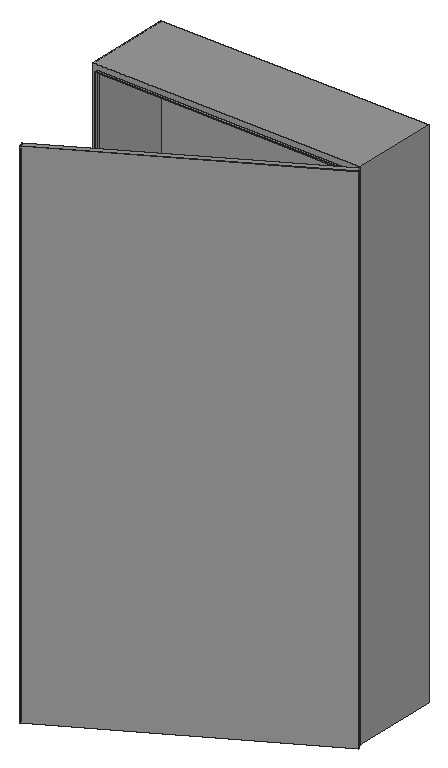
Revit family "Hager-Univers-IP55-D275-H1550-Cl.I-Steel_encl-NoHosted-PL-en", category Equipement électrique, Revit 2020
Family settings
  Configuration du panneau = Deux colonnes, circuits au sein
  Cote de connecteur circulaire = Utiliser le diamètre
  Type d'élément = Tableau de raccordement
  Basée sur le plan de construction = Oui
  Toujours verticalement = Oui
  Couper avec des vides une fois chargée = Non
  Partagée = Non
  Point de calcul de pièce = Non
Parameters (values of type "Surface mounted (plaster) IP55 W800 H1550 D275  - FR03E")
  Width Control [instance] = if([EF000008 - Width] > Min Width, [EF000008 - Width], Min Width)  # 800 mm
  Commentaires du type = [HG000003 - Range]  # "Univers"
  Thickness Door [instance] = if([EF009171 - Material plate thickness door/cover] > 3 mm, 3 mm, [EF009171 - Material plate thickness door/cover])  # 1.5 mm
  Seal Frame Offset [instance] = 17 mm  # constant formula
  Plinth Visibility [instance] = [HG000027 - Plinth height] > 0 mm  # no
  Min Width [instance] = 100 mm  # constant formula
  Min Depth [instance] = (2 * [EF009170 - Material plate thickness cabinet]) + 1 mm  # 4 mm
  Min Height [instance] = 100 mm  # constant formula
  Internal Frame Depth [instance] = (Door System Depth * 0.5)  # 9 mm
  Panel Name [instance] = ""  # (empty or 0)
  Model = ""
  HG000027 - Plinth height = 0 mm
  HG000026 - Floor standing = no
  HG000024 - Bottom section height = 600 mm
  HG000023 - Double section enclosure = no
  HG000016 - Door 3d visibility [instance] = yes
  HG000015 - Clearance visibility [instance] = no
  HG000014 - Door on the right [instance] = yes
  HG000013 - Door on the left [instance] = not([HG000014 - Door on the right])  # no
  HG000012 - Door swing angle [instance] = 30.00°
  HG000010 - Asymmetric doors = no
  HG000009 - Double swing door = no
  HG000006 - Flush mounted = no
  HG000004 - Manufacturer reference = "FR03E"
  HG000003 - Range = "Univers"
  HG000002 - With door or cover = yes
  Frame Offset Bottom [instance] = 10 mm  # constant formula
  Frame Offset [instance] = 15 mm  # constant formula
  EF015940 - Cover with overpressure release = no
  EF011959 - Degree of protection (NEMA) = ""
  EF009554 - Number of openings for flange plates = 6
  EF009212 - Cover model = "EV000116 - Closed"
  EF009171 - Material plate thickness door/cover = 1.5 mm
  EF009170 - Material plate thickness cabinet = 1.5 mm
  EF008873 - Nominal current (In) = 800 A
  EF007800 - Suitable for lightning protection = no
  EF006306 - With lock = no
  EF006244 - Transparent cover/door = no
  EF005474 - Degree of protection (IP) = "EV006420 - IP55"
  EF004464 - Type of door = "EV002646 - Single"
  EF004427 - Number of modules = 360
  EF004293 - Impact strength = "EV008784 - IK10"
  EF003532 - Suitable for outdoor use = no
  EF002950 - Width in number of modular spacings = 24
  EF001613 - Circuit integrity = "EV000494 - None"
  EF001596 - Material housing = "EV000179 - Steel"
  EF001131 - Internal depth = 275 mm
  EF001088 - Extension possible = yes
  EF000437 - Number of conduit inlets = 6
  EF000339 - Type of cover = "EV004216 - Door"
  EF000266 - Number of rows = 10
  EF000218 - Built-in depth = 0 mm
  EF000118 - With mounting plate = no
  EF000116 - RAL-number = "7035"
  EF000049 - Depth = 275 mm
  EF000040 - Height = 1550 mm
  EF000008 - Width = 800 mm
  EF000007 - Colour = "EV000270 - Grey"
  EF000003 - Mounting method = "EV000384 - Surface mounted (plaster)"
  Door System Leaf Tolerance [instance] = 1.5 mm  # constant formula
  Door System Depth [instance] = 18 mm  # constant formula
  Door Height [instance] = Height Control - [HG000027 - Plinth height]  # 1550 mm
  Description = ""
  Default Elevation = 1219.2 mm
  Connector Offset [instance] = Height Control / 2  # 775 mm
  Fabricant = "Hager"  # constant formula
  Height Control [instance] = if([EF000040 - Height] > Min Height, [EF000040 - Height], Min Height)  # 1550 mm
  Depth Control [instance] = if([EF000049 - Depth] > Min Depth, [EF000049 - Depth], Min Depth)  # 275 mm
  Bottom Top Plate Trim [instance] = 1.5 mm  # constant formula
  Plinth height Ctrl [instance] = if([HG000027 - Plinth height] > 0 mm, [HG000027 - Plinth height], 12 mm)  # 12 mm
Types (5, lengths in mm): name | Width Control | HG000010 - Asymmetric doors | HG000009 - Double swing door | HG000004 - Manufacturer reference | EF009554 - Number of openings for flange plates | EF004464 - Type of door | EF004427 - Number of modules | EF000437 - Number of conduit inlets | EF000008 - Width
  Surface mounted (plaster) IP55 W1050 H1550 D275  - FR04E | 1050 | no | yes | "FR04E" | 8 | "EV003602 - Double" | 480 | 8 | 1050
  Surface mounted (plaster) IP55 W1300 H1550 D275  - FR05E | 1300 | yes | yes | "FR05E" | 10 | "EV003602 - Double" | 600 | 10 | 1300
  Surface mounted (plaster) IP55 W300 H1550 D275  - FR01E | 300 | no | no | "FR01E" | 2 | "EV002646 - Single" | 120 | 2 | 300
  Surface mounted (plaster) IP55 W550 H1550 D275  - FR02E | 550 | no | no | "FR02E" | 4 | "EV002646 - Single" | 240 | 4 | 550
  Surface mounted (plaster) IP55 W800 H1550 D275  - FR03E | 800 | no | no | "FR03E" | 6 | "EV002646 - Single" | 360 | 6 | 800
Reference planes
  plane 1 "Center (Front/Back)": y = 0
  plane 2: z = 0
  plane 3 "Center (Left/Right)": x = 0
  plane 4: y = 0
  plane 5: y = 0
  plane 6: z = 0
  plane 7: x = -400
  plane 8: x = 400
  plane 9: x = 398.5
  plane 10: x = -398.5
  plane 11: z = 0
  plane 12: z = 1.5
  plane 13: y = -275
  plane 14: y = -1.5
  plane 15: x = 0
  plane 16: y = -257
  plane 17: y = -273.5
  plane 18: y = -255.5
  plane 19: x = -383.5
  plane 20: x = 383.5
  plane 21: z = 11.5
  plane 22: x = -383
  plane 23: x = 383
  plane 24: z = 0
  plane 25: z = 1550
  plane 26: z = 1550
  plane 27: z = 1533.5
  plane 28: z = 1548.5
Forms (mm)
  Extrusion 1, solid, material "Hager_Steel_RAL7035_Light_Grey", detail levels medium+fine
    sketch origin (-208.679, -4572, 0) x (-1, 0, 0) y (0, -1, 0)
      loop
        line (191.321, -4315) -> (-608.679, -4315) -> (-608.679, -4572) -> (191.321, -4572) -> (191.321, -4315)
    from 0 to 1550
  Extrusion 2, void
    sketch origin (-350.771, -275, 1219.2) x (1, 0, 0) y (0, 0, 1)
      loop
        line (-47.729, 329.3) -> (-47.729, -1217.7) -> (749.271, -1217.7) -> (749.271, 329.3) -> (-47.729, 329.3)
    from -19.5 to -273.5
  Extrusion 3, void
    sketch origin (-290.084, -257, 1219.2) x (1, 0, 0) y (0, 0, 1)
      loop
        line (-93.416, -1207.7) -> (673.584, -1207.7) -> (673.584, 314.3) -> (-93.416, 314.3) -> (-93.416, -1207.7)
    from 0 to -1.5
  Extrusion 4, solid, material "Hager_Steel_RAL7035_Light_Grey", visible <- "Plinth Visibility", detail levels medium+fine
    sketch origin (0, 0, 0) x (1, 0, 0) y (0, 1, 0)
      loop
        line (-400, 0) -> (-400, -257) -> (400, -257) -> (400, 0) -> (-400, 0)
    from 0 to 12 <- "Plinth height Ctrl"
  Extrusion 5, solid, material "Hager_Steel_RAL7035_Light_Grey", detail levels coarse
    sketch origin (0, 0, 0) x (1, 0, 0) y (0, 1, 0)
      loop
        line (-400, 0) -> (-400, -275) -> (400, -275) -> (400, 0) -> (-400, 0)
    from 0 to 1550 <- "Height Control"
  Sweep 6, void
    path in 3D
      loop
        line (-400, -257, 12) -> (400, -257, 12) -> (400, 0, 12) -> (-400, 0, 12) -> (-400, -257, 12)
    profile origin (-400, -128.5, 12) x (1, 0, 0) y (0, 0, 1)
      loop
        line (0, 0) -> (0, -1.5) -> (1.5, -1.5)
        arc (1.5, -1.5) -> (1.061, -0.439) -> (0, 0) r 1.5
  Extrusion 7, solid, material "Hager_Steel_RAL7035_Light_Grey", detail levels fine
    sketch origin (-400, -257, 0) x (1, 0, 0) y (0, 0, 1)
      loop
        line (16.5, 11.5) -> (783.5, 11.5) -> (783.5, 1533.5) -> (16.5, 1533.5) -> (16.5, 11.5)
      loop
        line (15, 10) -> (785, 10) -> (785, 1535) -> (15, 1535) -> (15, 10)
    from 0 to 9 <- "Internal Frame Depth"
Cuts and joins
  Extrusion 2, Extrusion 3 cuts Extrusion 1
  Sweep 6 cuts Extrusion 4
Lines and regions (mm)
  Masking region 1
    outline origin (0, 0, 0) x (1, 0, 0) y (0, 1, 0)
      loop
        line (-400, 0) -> (-400, -275) -> (400, -275) -> (400, 0) -> (-400, 0)
  Masking region 2, detail levels coarse
    outline origin (-290.084, -257, 1219.2) x (-1, 0, 0) y (0, 0, 1)
      loop
        line (-690.084, -1219.2) -> (109.916, -1219.2) -> (109.916, 330.8) -> (-690.084, 330.8) -> (-690.084, -1219.2)
  Masking region 3, detail levels coarse
    outline origin (0, 0, 0) x (0, 1, 0) y (0, 0, 1)
      loop
        line (0, 0) -> (0, 1550) -> (-275, 1550) -> (-275, 0) -> (0, 0)
  Masking region 4, visible <- "Plinth Visibility", detail levels medium+fine
    outline origin (0, 0, 0) x (0, 1, 0) y (0, 0, 1)
      loop
        line (-1.5, 12) -> (-255.5, 12)
        arc (-255.5, 12) -> (-255.939, 10.939) -> (-257, 10.5) r 1.5
        line (-257, 10.5) -> (-257, 0) -> (0, 0) -> (0, 10.5)
        arc (0, 10.5) -> (-1.061, 10.939) -> (-1.5, 12) r 1.5
  Masking region 5, detail levels medium+fine
    outline origin (0, 0, 594.038) x (0, 1, 0) y (0, 0, 1)
      loop
        line (0, -594.038) -> (0, 955.962) -> (-257, 955.962) -> (-257, -594.038) -> (0, -594.038)
  Masking region 6, detail levels medium+fine
    outline origin (-359.7, -257, 1211.883) x (-1, 0, 0) y (0, 0, 1)
      loop
        line (-759.7, -1211.883) -> (40.3, -1211.883) -> (40.3, 338.117) -> (-759.7, 338.117) -> (-759.7, -1211.883)
  Masking region 7, visible <- "Plinth Visibility", detail levels medium+fine
    outline origin (-320.334, -257, 1041.368) x (-1, 0, 0) y (0, 0, 1)
      loop
        line (-720.334, -1041.368) -> (79.666, -1041.368) -> (79.666, -1030.868)
        arc (79.666, -1030.868) -> (78.606, -1030.429) -> (78.166, -1029.368) r 1.5
        line (78.166, -1029.368) -> (-718.834, -1029.368)
        arc (-718.834, -1029.368) -> (-719.273, -1030.429) -> (-720.334, -1030.868) r 1.5
        line (-720.334, -1030.868) -> (-720.334, -1041.368)
  sketch lines
    curve 1: line (-400, 0, 12) -> (-400, -257, 12)
    curve 2: line (-400, -257, 12) -> (400, -257, 12)
    curve 3: line (400, 0, 12) -> (-400, 0, 12)
    curve 4: line (400, -257, 12) -> (400, 0, 12)
Dimensions and locks
  locked: plane 1 "Center (Front/Back)" to plane 5
  "EF009170 - Material plate thickness cabinet": plane 7 to plane 10
  "EF009170 - Material plate thickness cabinet": plane 8 to plane 9
  equal spacing: plane 7, plane 3 "Center (Left/Right)", plane 8
  "Width Control": plane 7 to plane 8
  "Depth Control": plane 4 to plane 13
  "EF009170 - Material plate thickness cabinet": plane 4 to plane 14
  "Height Control": plane 25 to level
  "HG000027 - Plinth height": plane 11 to level
  "EF009170 - Material plate thickness cabinet": plane 12 to plane 11
  "EF009170 - Material plate thickness cabinet": plane 17 to plane 13
  "EF009170 - Material plate thickness cabinet": plane 18 to plane 16
  "Frame Offset Bottom": plane 21 to plane 12
  "Frame Offset": plane 10 to plane 19
  "Frame Offset": plane 9 to plane 20
  "Door System Depth": plane 16 to plane 13
  "Seal Frame Offset": plane 7 to plane 22
  "Seal Frame Offset": plane 8 to plane 23
  "EF009170 - Material plate thickness cabinet": plane 26 to plane 28
  "Frame Offset": plane 28 to plane 27
  "Connector Offset": plane 2 to connector elem
  "Bottom Top Plate Trim": profile plane to Sweep 6 sketch curve
  "Bottom Top Plate Trim": Sweep 6 sketch curve to Sweep 6 sketch curve
  "Plinth height Ctrl": Masking region 4 sketch curve to level
  "Plinth height Ctrl": Masking region 7 sketch curve to level
  "Thickness Door": Extrusion 7 sketch curve to Extrusion 7 sketch curve  (x4)
  "Bottom Top Plate Trim": radius of Sweep 6 sketch curve
  "Bottom Top Plate Trim": radius of Masking region 4 sketch curve  (x2)
  "Bottom Top Plate Trim": radius of Masking region 7 sketch curve  (x2)
  aligned and locked: Extrusion 2 sketch curve to plane 12
  aligned and locked: Extrusion 2 sketch curve to plane 9
  aligned and locked: Extrusion 2 sketch curve to plane 10
  aligned and locked: Extrusion 2 to plane 14
  aligned and locked: Extrusion 1 sketch curve to plane 4
  aligned and locked: plane 8 to Extrusion 1 sketch curve
  aligned and locked: plane 7 to Extrusion 1 sketch curve
  aligned and locked: Extrusion 2 to plane 18
  aligned and locked: Extrusion 3 sketch curve to plane 19
  aligned and locked: plane 20 to Extrusion 3 sketch curve
  aligned and locked: Extrusion 3 to Extrusion 2
  aligned and locked: Extrusion 3 sketch curve to plane 21
  aligned and locked: plane 3 "Center (Left/Right)" to nested 1
  aligned and locked: Extrusion 1 sketch curve to plane 16
  aligned and locked: Extrusion 4 sketch curve to cut or joined group of Extrusion 1, Extrusion 2, Extrusion 3
  aligned and locked: Masking region 1 sketch curve to plane 7
  aligned and locked: Masking region 1 sketch curve to plane 5
  aligned and locked: Masking region 1 sketch curve to plane 8
  aligned and locked: Masking region 2 sketch curve to level
  aligned and locked: level to Masking region 3 sketch curve
  aligned and locked: plane 1 "Center (Front/Back)" to Masking region 3 sketch curve
  aligned and locked: plane 13 to Masking region 3 sketch curve
  aligned and locked: plane 5 to Masking region 4 sketch curve
  aligned and locked: Masking region 2 sketch curve to plane 8
  aligned and locked: Masking region 2 sketch curve to plane 7
  aligned and locked: plane 7 to nested 2
  aligned and locked: nested 2 to plane 5
  aligned and locked: plane 5 to Masking region 5 sketch curve
  aligned and locked: plane 26 to Masking region 5 sketch curve
  aligned and locked: Extrusion 5 sketch curve to plane 8
  aligned and locked: Extrusion 5 sketch curve to plane 7
  aligned and locked: Extrusion 5 sketch curve to plane 5
  aligned and locked: Extrusion 3 sketch curve to plane 27
  aligned and locked: Extrusion 2 sketch curve to plane 28
  aligned and locked: Masking region 2 to plane 25
  aligned and locked: Extrusion 4 to plane 16
  aligned and locked: profile plane to Sweep 6 sketch curve
  aligned and locked: Masking region 5 sketch curve to plane 24
  aligned and locked: level to Masking region 4 sketch curve
  aligned and locked: Masking region 1 to plane 13
  aligned and locked: nested 1 to plane 16
  aligned and locked: Masking region 3 to plane 25
  aligned and locked: plane 16 to Masking region 4 sketch curve
  aligned and locked: Masking region 5 sketch curve to plane 16
  aligned and locked: plane 24 to plane 11
  aligned and locked: plane 26 to plane 25
  aligned and locked: plane 26 to cut or joined group of Extrusion 1, Extrusion 2, Extrusion 3
  aligned and locked: nested 1 to plane 24
  aligned and locked: Extrusion 1 to Extrusion 3
  aligned and locked: Masking region 6 sketch curve to plane 8
  aligned and locked: Masking region 6 sketch curve to plane 24
  aligned and locked: Masking region 6 sketch curve to plane 7
  aligned and locked: Masking region 6 sketch curve to plane 26
  aligned and locked: Masking region 7 sketch curve to plane 7
  aligned and locked: level to Masking region 7 sketch curve
  aligned and locked: Masking region 7 sketch curve to plane 8
  aligned and locked: Extrusion 7 sketch curve to cut or joined group of Extrusion 1, Extrusion 2, Extrusion 3  (x4)
Automatic sketch dimensions
  plane 19 to Extrusion 3 sketch curve = 0 mm
  Extrusion 3 sketch curve to plane 20 = 0 mm
  Extrusion 3 sketch curve to plane 21 = 0 mm
  Extrusion 4 sketch curve to plane 7 = 0 mm
  Extrusion 4 sketch curve to plane 8 = 0 mm
  Extrusion 4 sketch curve to plane 16 = 0 mm
  Masking region 1 sketch curve to plane 13 = 0 mm
  Masking region 2 sketch curve to plane 25 = 0 mm
  Masking region 3 sketch curve to plane 25 = 0 mm
  Extrusion 5 sketch curve to plane 13 = 0 mm
  profile plane to Sweep 6 sketch curve = 0 mm
Nested families
  nested 1: "EC000058_Univers_Door" at (0, -257, 0), Double <- "HG000009 - Double swing door", Transparent <- "EF006244 - Transparent cover/door", Angle <- "HG000012 - Door swing angle", Door_Right <- "HG000014 - Door on the right", Assymetrical <- "HG000010 - Asymmetric doors", Door <- "HG000002 - With door or cover", Width_Ctrl <- "Width Control", 3d_Door <- "HG000016 - Door 3d visibility", Clearance <- "HG000015 - Clearance visibility", Door_Left <- "HG000013 - Door on the left", Width <- "Width Control", Door_Depth <- "Door System Depth", Leaf_Tolerance <- "Door System Leaf Tolerance", Height <- "Door Height", Lock_Visibility <- "EF006306 - With lock", Thickness <- "Thickness Door", type "EC000058_Univers_Door", detail levels medium+fine
    with min_wh 4 mm, Width_Ctrl 800 mm, Width 800 mm, Transparent no, Thickness 1.5 mm, Seal_Material Hager_Rubber, Lock_Visibility no, Lock_Material Hager_Plastic_RAL9005_Jet_Black, Leaf_Width 800 mm, Leaf_Tolerance_External_Sides 0 mm, Leaf_Tolerance 1.5 mm, Leaf_Offset 0 mm, Leaf_Height 1547 mm, Leaf_2_Width 800 mm, Leaf_2_Offset 400 mm, Leaf_1_Width 800 mm, Leaf_1_Offset 400 mm, Height_Ctrl 1550 mm, Height 1550 mm, Glass_Material Hager_Glass, Double_Clearance_Ctrl no, Double no, Door_Right_Ctrl yes, Door_Right yes, Door_Material Hager_Steel_RAL7035_Light_Grey, Door_Left_Ctrl no, Door_Left no, Door_Depth 18 mm, Door yes, Clearance_Material Hager_Clearance, Clearance_Depth 800 mm, Clearance_Ctrl no, Clearance no, Assymetrical no, Angle 30.00°, 3d_Door yes
  nested 2: "Hager_Enclosure_Symbol" at (-400, 0, 0), Height <- "Depth Control", Width <- "Width Control", type "Hager_Enclosure_Symbol"
    with Width_Ctrl 800 mm, Width 800 mm, Height_Ctrl 275 mm, Height 275 mm, A_Width_Int 18.047 mm, A_Width 216.562 mm, A_Height_Ctrl 240.625 mm, A_Height 240.625 mm
Connectors
  electrical at (0, 0, 775)
    settings: on plane 1 "Center (Front/Back)", index 1, voltage 0 V, apparent load 0 VA, apparent load phase1 0 VA, apparent load phase2 0 VA, apparent load phase3 0 VA, power factor 1, load classification "Other", number of poles 1, system type 30, power factor state 1, is connector primary yes, connector utility no, sub classification motor no, connector description ""
Definition of nested family "EC000058_Univers_Door"
  Parameters (values of type "EC000058_Univers_Door")
    min_wh [instance] = (2 * Thickness) + 1 mm  # 11 mm
    Width_Ctrl [instance] = 400 mm
    Width [instance] = 500 mm
    Transparent [instance] = yes
    Thickness [instance] = 5 mm
    Seal_Material [instance] = none
    Lock_Visibility [instance] = yes
    Lock_Material [instance] = none
    Leaf_Width [instance] = if((Width_Ctrl - 2 * Leaf_Tolerance_External_Sides) > 0 mm, (Width_Ctrl - 2 * Leaf_Tolerance_External_Sides), min_wh)  # 400 mm
    Leaf_Tolerance_External_Sides [instance] = 0 mm  # constant formula
    Leaf_Tolerance [instance] = 1.5 mm
    Leaf_Offset [instance] = 0 mm  # constant formula
    Leaf_Height [instance] = if((Height_Ctrl - 2 * Leaf_Tolerance) > 0 mm, (Height_Ctrl - 2 * Leaf_Tolerance), min_wh)  # 497 mm
    Leaf_2_Width [instance] = if(and(and(Double, Assymetrical), Door_Left), (Leaf_Width / 3) - (Leaf_Tolerance / 2), if(and(and(Double, Assymetrical), Door_Right), (Leaf_Width / 3) * 2 - (Leaf_Tolerance / 2), if(and(Double, not(Assymetrical)), (Leaf_Width / 2) - Leaf_Tolerance, Leaf_Width)))  # 400 mm
    Leaf_2_Offset [instance] = if(and(Double, Assymetrical), Leaf_2_Width / 2, if(and(Double, not(Assymetrical)), Leaf_Width / 4, Leaf_Width / 2))  # 200 mm
    Leaf_1_Width [instance] = if(and(and(Double, Assymetrical), Door_Right), (Leaf_Width / 3) - (Leaf_Tolerance / 2), if(and(and(Double, Assymetrical), Door_Left), (Width / 3) * 2 - (Leaf_Tolerance / 2), if(and(Double, not(Assymetrical)), (Leaf_Width / 2) - Leaf_Tolerance, Leaf_Width)))  # 400 mm
    Leaf_1_Offset [instance] = if(and(Double, Assymetrical), Leaf_1_Width / 2, if(and(Double, not(Assymetrical)), Leaf_Width / 4, Leaf_Width / 2))  # 200 mm
    Height_Ctrl [instance] = if(Height > min_wh, Height, min_wh)  # 500 mm
    Height [instance] = 500 mm
    Glass_Material [instance] = none
    Double_Clearance_Ctrl [instance] = and(Double, Clearance)  # no
    Double [instance] = no
    Door_Right_Ctrl [instance] = and(or(Door_Right, Double), Door)  # yes
    Door_Right [instance] = yes
    Door_Material [instance] = none
    Door_Left_Ctrl [instance] = and(or(Door_Left, Double), Door)  # no
    Door_Left [instance] = no
    Door_Depth [instance] = 30 mm
    Door [instance] = yes
    Default Elevation = 1219.2 mm
    Clearance_Material [instance] = none
    Clearance_Depth [instance] = if(Leaf_1_Width > Leaf_2_Width, Leaf_1_Width, Leaf_2_Width)  # 400 mm
    Clearance_Ctrl [instance] = and(not(Double), Clearance)  # yes
    Clearance [instance] = yes
    Assymetrical [instance] = yes
    Angle [instance] = 30.00°
    3d_Door [instance] = yes
  Reference planes
    plane 1 "Center (Front/Back)": y = 0
    plane 2 "Bottom": z = 0
    plane 3 "Center (Left/Right)": x = 0
    plane 4: z = 500
    plane 5: x = -200
    plane 6: x = 200
    plane 7: z = 500
    plane 8: x = -200
    plane 9: z = 0
    plane 10: x = 200
    plane 11: y = 0
    plane 12: z = 1.5
    plane 13: x = -600
    plane 14: y = -400
    plane 15: x = 600
    plane 16: x = 0
    plane 17: x = 0
    plane 18: x = -200
    plane 19: x = 200
    plane 20: z = 498.5
  Forms (mm)
    Extrusion 1, solid, material <- "Clearance_Material", visible <- "Double_Clearance_Ctrl"
      sketch origin (1200, 0, 0) x (1, 0, 0) y (0, 0, -1)
        loop
          line (-1800, -498.5) -> (-600, -498.5) -> (-600, 0) -> (-1800, 0) -> (-1800, -498.5)
      from 0 to -400
  Dimensions and locks
    equal spacing: plane 5, plane 3 "Center (Left/Right)", plane 6
    "Width_Ctrl": plane 5 to plane 6
    "Leaf_Offset": plane 5 to plane 8
    "Leaf_Offset": plane 6 to plane 10
    "Leaf_Offset": plane 9 to level
    "Leaf_Offset": plane 4 to plane 7
    "Height_Ctrl": plane 4 to level
    "Leaf_Tolerance": plane 12 to plane 9
    locked: plane 11 to plane 1 "Center (Front/Back)"
    "Leaf_1_Offset": plane 18 to plane 16
    "Leaf_2_Offset": plane 17 to plane 19
    "Leaf_1_Width": plane 13 to plane 8
    "Leaf_2_Width": plane 10 to plane 15
    "Clearance_Depth": plane 14 to plane 1 "Center (Front/Back)"
    "Leaf_Tolerance_External_Sides": plane 8 to plane 18
    "Leaf_Tolerance_External_Sides": plane 19 to plane 10
    "Leaf_Tolerance": plane 7 to plane 20
    aligned and locked: level to plane 2 "Bottom"
    aligned and locked: nested 1 to plane 16
    aligned and locked: nested 2 to plane 17
    aligned and locked: Extrusion 1 to plane 13
    aligned and locked: plane 15 to Extrusion 1
    aligned and locked: Extrusion 1 to plane 14
    aligned and locked: plane 12 to nested 1
    aligned and locked: nested 2 to plane 12
    aligned and locked: Extrusion 1 to plane 11
    aligned and locked: plane 20 to Extrusion 1
    aligned and locked: nested 2 to plane 11
    aligned and locked: nested 1 to plane 11
  Automatic sketch dimensions
    Extrusion 1 sketch curve to level = 0 mm
    plane 5 to Extrusion 1 sketch curve = 400 mm
    plane 6 to Extrusion 1 sketch curve = 400 mm
    Extrusion 1 sketch curve to plane 4 = 1.5 mm
  Nested families
    nested 1: "EC000058_Univers_Door_Leaf" at (0, 0, 1.5), Width <- "Leaf_1_Width", visible <- "Door_Left_Ctrl", Leaf_Height <- "Leaf_Height", Angle <- "Angle", 3d_Door <- "3d_Door", Transparent <- "Transparent", Clearance Material <- "Clearance_Material", Clearance <- "Clearance_Ctrl", Door_Material <- "Door_Material", Glass_Material <- "Glass_Material", Door_Depth <- "Door_Depth", Lock_Material <- "Lock_Material", Seal_Material <- "Seal_Material", Lock_Visibility <- "Lock_Visibility", Thickness <- "Thickness", type "EC000058_Univers_Door_Leaf"
      with Width 400 mm, Transparent_Glass_Offset 30 mm, Transparent_Ctrl yes, Transparent yes, Thickness 5 mm, Standard no, Seal_Material none, Seal_D2 8 mm, Seal_D1 1 mm, Offset_Internal_Frame 10 mm, Lock_Width 20 mm, Lock_Visibility_3d yes, Lock_Visibility yes, Lock_Thickness_3 3 mm, Lock_Thickness_2 1 mm, Lock_Thickness_1 3 mm, Lock_Radius_Offset_2 16 mm, Lock_Radius_Offset_1 15 mm, Lock_Radius_2 5 mm, Lock_Radius 6 mm, Lock_Offset 5 mm, Lock_Material none, Lock_Height 80 mm, Lock_Cover_Top_Offset_2d 17 mm, Lock_Cover_Height -65 mm, Leaf_Height 497 mm, Internal_Seal_Thickness 8 mm, Internal_Seal_Depth_2 4.5 mm, Internal_Frame_Depth 25 mm, Glass_Thickness -1 mm, Glass_Offset -2 mm, Glass_Material none, Door_Material none, Door_Depth 30 mm, Clearance Material none, Clearance yes, Angle_Ctrl 30.00°, Angle 30.00°, 3d_Door yes
    nested 2: "EC000058_Univers_Door_Leaf" at (0, 0, 1.5) x (-1, 0, 0) z (0, 0, 1), Width <- "Leaf_2_Width", visible <- "Door_Right_Ctrl", Leaf_Height <- "Leaf_Height", Angle <- "Angle", 3d_Door <- "3d_Door", Transparent <- "Transparent", Clearance Material <- "Clearance_Material", Clearance <- "Clearance_Ctrl", Door_Material <- "Door_Material", Glass_Material <- "Glass_Material", Door_Depth <- "Door_Depth", Lock_Material <- "Lock_Material", Seal_Material <- "Seal_Material", Lock_Visibility <- "Lock_Visibility", Thickness <- "Thickness", type "EC000058_Univers_Door_Leaf"
      with Width 400 mm, Transparent_Glass_Offset 30 mm, Transparent_Ctrl yes, Transparent yes, Thickness 5 mm, Standard no, Seal_Material none, Seal_D2 8 mm, Seal_D1 1 mm, Offset_Internal_Frame 10 mm, Lock_Width 20 mm, Lock_Visibility_3d yes, Lock_Visibility yes, Lock_Thickness_3 3 mm, Lock_Thickness_2 1 mm, Lock_Thickness_1 3 mm, Lock_Radius_Offset_2 16 mm, Lock_Radius_Offset_1 15 mm, Lock_Radius_2 5 mm, Lock_Radius 6 mm, Lock_Offset 5 mm, Lock_Material none, Lock_Height 80 mm, Lock_Cover_Top_Offset_2d 17 mm, Lock_Cover_Height -65 mm, Leaf_Height 497 mm, Internal_Seal_Thickness 8 mm, Internal_Seal_Depth_2 4.5 mm, Internal_Frame_Depth 25 mm, Glass_Thickness -1 mm, Glass_Offset -2 mm, Glass_Material none, Door_Material none, Door_Depth 30 mm, Clearance Material none, Clearance yes, Angle_Ctrl 30.00°, Angle 30.00°, 3d_Door yes
  Definition of nested family "EC000058_Univers_Door_Leaf"
    Parameters (values of type "EC000058_Univers_Door_Leaf")
      Width [instance] = 2000 mm
      Transparent_Glass_Offset [instance] = 30 mm
      Transparent_Ctrl [instance] = and(Transparent, [3d_Door])  # yes
      Transparent [instance] = yes
      Thickness [instance] = 5 mm
      Standard [instance] = and(not(Transparent), [3d_Door])  # no
      Seal_Material [instance] = none
      Seal_D2 [instance] = 8 mm  # constant formula
      Seal_D1 [instance] = 1 mm  # constant formula
      Offset_Internal_Frame [instance] = 10 mm  # constant formula
      Lock_Width [instance] = 20 mm  # constant formula
      Lock_Visibility_3d [instance] = and(Lock_Visibility, [3d_Door])  # yes
      Lock_Visibility [instance] = yes
      Lock_Thickness_3 [instance] = 3 mm  # constant formula
      Lock_Thickness_2 [instance] = 1 mm  # constant formula
      Lock_Thickness_1 [instance] = 3 mm  # constant formula
      Lock_Radius_Offset_2 [instance] = Lock_Radius_Offset_1 + 1 mm  # 16 mm
      Lock_Radius_Offset_1 [instance] = 15 mm  # constant formula
      Lock_Radius_2 [instance] = Lock_Radius - 1 mm  # 5 mm
      Lock_Radius [instance] = 6 mm  # constant formula
      Lock_Offset [instance] = 5 mm  # constant formula
      Lock_Material [instance] = none
      Lock_Height [instance] = 80 mm  # constant formula
      Lock_Cover_Top_Offset_2d [instance] = Lock_Radius_Offset_2 + 1 mm  # 17 mm
      Lock_Cover_Height [instance] = -(Lock_Height - Lock_Radius_Offset_1)  # -65 mm
      Leaf_Height [instance] = 2720.336 mm
      Internal_Seal_Thickness [instance] = 8 mm  # constant formula
      Internal_Seal_Depth_2 [instance] = 4.5 mm  # constant formula
      Internal_Frame_Depth [instance] = if(Door_Depth - Thickness > 5 mm, Door_Depth - Thickness, 5 mm)  # 25 mm
      Glass_Thickness [instance] = if(Thickness > 15 mm, Glass_Offset + 10 mm, -1 mm)  # -1 mm
      Glass_Offset [instance] = if(Thickness > 15 mm, -(Thickness + 10 mm) / 2, -2 mm)  # -2 mm
      Glass_Material [instance] = none
      Door_Material [instance] = none
      Door_Depth [instance] = 30 mm
      Default Elevation = 0 mm
      Clearance Material [instance] = none
      Clearance [instance] = yes
      Angle_Ctrl [instance] = if(Angle > 180.00°, 180.00°, Angle)  # 90.00°
      Angle [instance] = 90.00°
      3d_Door [instance] = yes
    Reference planes
      plane 1 "Center (Front/Back)": y = 0
      plane 2: z = 0
      plane 3 "Center (Left/Right)": x = 0
      plane 4: y = 2000
      plane 5: x = -1000
      plane 6: x = 1000
      plane 7: x = -3000
      plane 8: z = 2720.336
      plane 9: z = 30
      plane 10: z = 2690.336
      plane 11: x = 970
      plane 12: x = -970
      plane 13: y = -3
      plane 14: z = 107.833
      plane 15: y = -5
      plane 16: y = -223.314
      plane 17: x = -1000
      plane 18: z = 1360.168
      plane 19: y = 30
    Forms (mm)
      Extrusion 1, solid, material <- "Clearance Material", visible <- "Clearance"
        sketch origin (0, 0, 0) x (1, 0, 0) y (0, 0, 1)
          loop
            line (-3000, 2720.336) -> (-3000, 0) -> (1000, 0) -> (1000, 2720.336) -> (-3000, 2720.336)
        from 0 to -2000
      Extrusion 2, solid, material <- "Door_Material", visible <- "Standard", detail levels medium+fine
        sketch origin (-1000, 0, 0) x (0, 1, 0) y (-1, 0, 0)
          loop
            line (0, 30) -> (0, 25) -> (2000, 25) -> (2000, 30) -> (0, 30)
        from 0 to 2720.336 <- "Leaf_Height"
      Extrusion 3, solid, material <- "Door_Material", visible <- "Transparent_Ctrl", detail levels medium+fine
        sketch origin (-1000, 0, 0) x (0, 1, 0) y (-1, 0, 0)
          loop
            line (0, 25) -> (2000, 25) -> (2000, 30) -> (0, 30) -> (0, 25)
        from 0 to 2720.336 <- "Leaf_Height"
      Extrusion 4, void
        sketch origin (-1025, 2000, 0) x (0, 1, 0) y (0, 0, -1)
          loop
            line (-30, -2690.336) -> (-30, -30) -> (-1970, -30) -> (-1970, -2690.336) -> (-30, -2690.336)
        from 0 to 5 <- "Thickness"
      Sweep 5, solid, material <- "Seal_Material", visible <- "Transparent_Ctrl", detail levels fine
        path in 3D
          loop
            line (-1025, 30, 30) -> (-1025, 30, 2690.336) -> (-1025, 1970, 2690.336) -> (-1025, 1970, 30) -> (-1025, 30, 30)
        profile origin (-1025, 1000, 30) x (1, 0, 0) y (0, 0, 1)
          loop
            line (0, 0) -> (0, -8) -> (1, -8) -> (1, 0) -> (0, 0)
      Extrusion 6, solid, material <- "Glass_Material", visible <- "Transparent_Ctrl", detail levels medium+fine
        sketch origin (-1030, 0, 0) x (0, 1, 0) y (0, 0, -1)
          loop
            line (1970, -2690.336) -> (1970, -30) -> (30, -30) -> (30, -2690.336) -> (1970, -2690.336)
        from -2 <- "Glass_Offset" to -1 <- "Glass_Thickness"
      Extrusion 7, solid, material <- "Door_Material", visible <- "3d_Door", detail levels medium+fine
        sketch origin (-1025, 2000, 0) x (0, -1, 0) y (0, 0, -1)
          loop
            line (0, -2720.336) -> (2000, -2720.336) -> (2000, 0) -> (0, 0) -> (0, -2720.336)
          loop
            line (1995, -5) -> (5, -5) -> (5, -2715.336) -> (1995, -2715.336) -> (1995, -5)
        from 0 to 25 <- "Internal_Frame_Depth"
      Sweep 8, solid, material <- "Seal_Material", visible <- "Transparent_Ctrl", detail levels fine
        path in 3D
          loop
            line (-1025, 0, 0) -> (-1025, 2000, 0) -> (-1025, 2000, 2720.336) -> (-1025, 0, 2720.336) -> (-1025, 0, 0)
        profile origin (-1025, 0, 1360.168) x (1, 0, 0) y (0, 1, 0)
          loop
            line (0, 10) -> (2.975, 10)
            arc (2.975, 10) -> (4.053, 10.447) -> (4.5, 11.525) r 1.525
            line (4.5, 11.525) -> (4.5, 16.527)
            arc (4.5, 16.527) -> (4.069, 17.569) -> (3.027, 18) r 1.473
            line (3.027, 18) -> (0, 18) -> (0, 10)
      Extrusion 9, solid, material <- "Lock_Material", visible <- "Lock_Visibility_3d", detail levels fine
        sketch origin (-1030, 0, 0) x (0, 1, 0) y (0, 0, -1)
          loop
            arc (1993.5, -1400.168) -> (1994.561, -1399.729) -> (1995, -1398.668) r 1.5
            line (1995, -1398.668) -> (1995, -1320.168) -> (1975, -1320.168) -> (1975, -1398.668)
            arc (1975, -1398.668) -> (1975.439, -1399.729) -> (1976.5, -1400.168) r 1.5
            line (1976.5, -1400.168) -> (1993.5, -1400.168)
        from 3 <- "Lock_Thickness_1" to 0
      Blend 10, solid, material <- "Lock_Material", visible <- "Lock_Visibility_3d", detail levels fine
        base sketch origin (-1033, 0, 0) x (0, 1, 0) y (0, 0, -1)
          loop
            line (1975, -1320.168) -> (1975, -1398.668)
            arc (1975, -1398.668) -> (1975.439, -1399.729) -> (1976.5, -1400.168) r 1.5
            line (1976.5, -1400.168) -> (1993.5, -1400.168)
            arc (1993.5, -1400.168) -> (1994.561, -1399.729) -> (1995, -1398.668) r 1.5
            line (1995, -1398.668) -> (1995, -1320.168) -> (1975, -1320.168)
        top sketch origin (-1033, 0, 0) x (0, 1, 0) y (0, 0, -1)
          loop
            line (1976, -1320.168) -> (1976, -1398.668)
            arc (1976, -1398.668) -> (1976.146, -1399.022) -> (1976.5, -1399.168) r 0.5
            line (1976.5, -1399.168) -> (1993.5, -1399.168)
            arc (1993.5, -1399.168) -> (1993.854, -1399.022) -> (1994, -1398.668) r 0.5
            line (1994, -1398.668) -> (1994, -1320.168) -> (1976, -1320.168)
        from 0 to 1 <- "Lock_Thickness_2"
      Blend 11, solid, material <- "Lock_Material", visible <- "Lock_Visibility_3d", detail levels fine
        base sketch origin (-1034, 0, 0) x (0, 1, 0) y (0, 0, -1)
          loop
            line (1978, -1320.168) -> (1978, -1384.168)
            arc (1978, -1384.168) -> (1985, -1391.168) -> (1992, -1384.168) r 7
            line (1992, -1384.168) -> (1992, -1320.168) -> (1978, -1320.168)
        top sketch origin (-1034, 0, 0) x (0, 1, 0) y (0, 0, -1)
          loop
            line (1991, -1320.168) -> (1979, -1320.168) -> (1979, -1383.168)
            arc (1979, -1383.168) -> (1985, -1389.168) -> (1991, -1383.168) r 6
            line (1991, -1383.168) -> (1991, -1320.168)
        from 0 to 3 <- "Lock_Thickness_3"
      Extrusion 12, solid, material <- "Lock_Material", visible <- "Lock_Visibility_3d", detail levels fine
        sketch origin (-1030, 1975, 1320.168) x (1, 0, 0) y (0, -1, 0)
          loop
            line (-7, -19) -> (-7, -1) -> (0, -1) -> (0, 0) -> (-8, 0) -> (-8, -20) -> (0, -20) -> (0, -19) -> (-7, -19)
        from 0 to -65 <- "Lock_Cover_Height"
      Extrusion 13, void
        sketch origin (-1038, 1995, 1320.168) x (-1, 0, 0) y (0, 0, -1)
          loop
            line (-5, -65) -> (0, -65) -> (-5, -60) -> (-5, -65)
        from 0 to 20 <- "Lock_Width"
      Extrusion 14, void
        sketch origin (-1038, 1975, 1320.168) x (0, -1, 0) y (0, 0, -1)
          loop
            circle (-10, -15.995) r 6
          loop
            circle (-10, -15.995) r 5
        from 0 to 2
      Extrusion 15, solid, material <- "Lock_Material", visible <- "Lock_Visibility_3d", detail levels medium
        sketch origin (-1030, 0, 0) x (0, 1, 0) y (0, 0, -1)
          loop
            arc (1993.5, -1400.168) -> (1994.561, -1399.729) -> (1995, -1398.668) r 1.5
            line (1995, -1398.668) -> (1995, -1320.168) -> (1975, -1320.168) -> (1975, -1398.668)
            arc (1975, -1398.668) -> (1975.439, -1399.729) -> (1976.5, -1400.168) r 1.5
            line (1976.5, -1400.168) -> (1993.5, -1400.168)
        from 8 to 0
    Cuts and joins
      Extrusion 4 cuts Extrusion 3
      Extrusion 13, Extrusion 14 cuts Extrusion 9
      Extrusion 14 cuts Blend 11
      Extrusion 13, Extrusion 14 cuts Extrusion 12
      joined: Extrusion 9, Blend 10, Blend 11, Extrusion 12
      Extrusion 14 cuts Extrusion 15
    Lines and regions (mm)
      Masking region 1, visible <- "Lock_Visibility", detail levels fine
        outline origin (0, 0, 0) x (0, 1, 0) y (0, 0, 1)
          loop
            line (30, 1320.168) -> (33, 1320.168) -> (33, 1400.168) -> (30, 1400.168) -> (30, 1320.168)
      Masking region 2, visible <- "Lock_Visibility", detail levels fine
        outline origin (0, 3.143, 0) x (0, 1, 0) y (0, 0, 1)
          loop
            line (29.857, 1354.168) -> (30.857, 1354.168) -> (30.857, 1366.168) -> (29.857, 1366.168) -> (29.857, 1354.168)
      Masking region 3, detail levels medium+fine
        outline origin (0, 0, 0) x (0, 1, 0) y (0, 0, 1)
          loop
            line (0, 0) -> (30, 0) -> (30, 2720.336) -> (0, 2720.336) -> (0, 0)
      Masking region 4, detail levels medium+fine
        outline origin (0, 0, 0) x (1, 0, 0) y (0, 0, 1)
          loop
            line (-1000, 2720.336) -> (-1000, 0) -> (1000, 0) -> (1000, 2720.336) -> (-1000, 2720.336)
      Masking region 5, visible <- "Lock_Visibility", detail levels fine
        outline origin (-47.116, 0, 0) x (1, 0, 0) y (0, 0, 1)
          loop
            arc (1024.616, 1399.168) -> (1023.556, 1398.729) -> (1023.116, 1397.668) r 1.5
            line (1023.116, 1397.668) -> (1023.116, 1320.168) -> (1041.116, 1320.168) -> (1041.116, 1397.668)
            arc (1041.116, 1397.668) -> (1040.677, 1398.729) -> (1039.616, 1399.168) r 1.5
            line (1039.616, 1399.168) -> (1024.616, 1399.168)
      Masking region 6, visible <- "Lock_Visibility", detail levels medium+fine
        outline origin (-25, 0, 0) x (1, 0, 0) y (0, 0, 1)
          loop
            arc (1001.5, 1400.168) -> (1000.439, 1399.729) -> (1000, 1398.668) r 1.5
            line (1000, 1398.668) -> (1000, 1320.168) -> (1020, 1320.168) -> (1020, 1398.668)
            arc (1020, 1398.668) -> (1019.561, 1399.729) -> (1018.5, 1400.168) r 1.5
            line (1018.5, 1400.168) -> (1001.5, 1400.168)
      Masking region 7, visible <- "Lock_Visibility", detail levels fine
        outline origin (-73.735, 0, 0) x (1, 0, 0) y (0, 0, 1)
          loop
            line (1051.735, 1382.168) -> (1065.735, 1382.168) -> (1065.735, 1384.168)
            arc (1065.735, 1384.168) -> (1058.735, 1391.168) -> (1051.735, 1384.168) r 7
            line (1051.735, 1384.168) -> (1051.735, 1382.168)
      Masking region 8, visible <- "Lock_Visibility", detail levels fine
        outline origin (-73.735, 0, 0) x (1, 0, 0) y (0, 0, 1)
          loop
            line (1052.735, 1382.168) -> (1064.735, 1382.168) -> (1064.735, 1383.168)
            arc (1064.735, 1383.168) -> (1058.735, 1389.168) -> (1052.735, 1383.168) r 6
            line (1052.735, 1383.168) -> (1052.735, 1382.168)
      Masking region 9, visible <- "Lock_Visibility", detail levels fine
        outline origin (-25, 0, 0) x (1, 0, 0) y (0, 0, 1)
          loop
            line (1020, 1320.168) -> (1020, 1382.168) -> (1000, 1382.168) -> (1000, 1320.168) -> (1020, 1320.168)
      Masking region 10, detail levels medium+fine
        outline origin (0, 0, 0) x (1, 0, 0) y (0, 0, 1)
          loop
            circle (985, 1335.144) r 6
      Masking region 11, detail levels fine
        outline origin (0, 0, 0) x (1, 0, 0) y (0, 0, 1)
          loop
            circle (985, 1335.144) r 5
      Masking region 12, visible <- "Lock_Visibility", detail levels fine
        outline origin (0, 12.767, 0) x (0, 1, 0) y (0, 0, 1)
          loop
            line (20.233, 1320.168) -> (21.233, 1320.168) -> (21.233, 1399.168) -> (20.233, 1400.168) -> (20.233, 1320.168)
      Masking region 13, visible <- "Lock_Visibility", detail levels fine
        outline origin (0, 13.767, -10) x (0, 1, 0) y (0, 0, 1)
          loop
            line (20.233, 1330.168) -> (23.233, 1330.168) -> (23.233, 1399.168) -> (20.233, 1402.168) -> (20.233, 1330.168)
      Masking region 14, visible <- "Lock_Visibility", detail levels fine
        outline origin (0, 12.767, -10) x (0, 1, 0) y (0, 0, 1)
          loop
            line (20.233, 1330.168) -> (25.233, 1330.168) -> (25.233, 1399.305) -> (20.233, 1394.305) -> (20.233, 1330.168)
      Masking region 15, visible <- "Lock_Visibility", detail levels medium
        outline origin (0, 0, 0) x (0, 1, 0) y (0, 0, 1)
          loop
            line (30, 1320.168) -> (38, 1320.168) -> (38, 1400.168) -> (30, 1400.168) -> (30, 1320.168)
      Masking region 16, visible <- "Lock_Visibility", detail levels fine
        outline origin (-1000, 0, 0) x (0, 1, 0) y (-1, 0, 0)
          loop
            line (1975, 30) -> (1995, 30) -> (1995, 38) -> (1975, 38) -> (1975, 30)
          loop
            line (1979, 37) -> (1976, 37) -> (1976, 34) -> (1978, 34) -> (1979, 37)
          loop
            line (1994, 37) -> (1991, 37) -> (1992, 34) -> (1994, 34) -> (1994, 37)
      Masking region 17, visible <- "Lock_Visibility", detail levels medium
        outline origin (-1000, 0, 0) x (0, 1, 0) y (-1, 0, 0)
          loop
            line (1975, 30) -> (1995, 30) -> (1995, 38) -> (1975, 38) -> (1975, 30)
      symbolic lines
        curve 1: line (1000, 0, 0) -> (-3000, 0, 0)
        curve 2: arc (1000, 0, 0) -> (-1000, 2000, 0) -> (-3000, 0, 0) r 2000
        curve 4: line (-1030, 0, 0) -> (-1030, 2000, 0)
      reference lines
        curve 3: line (-1000, 0, 0) -> (-1000, 2000, 0)
      symbolic lines, detail levels medium+fine
        curve 5: line (-1030, 2000, 0) -> (-1025, 2000, 0)
        curve 7: line (-1025, 0, 0) -> (-1030, 0, 0)
        curve 8: line (-1025, 0, 0) -> (-1000, 0, 0)
        curve 9: line (-1000, 0, 0) -> (-1000, 2000, 0)
        curve 10: line (-1000, 2000, 0) -> (-1025, 2000, 0)
      symbolic lines, detail levels fine
        curve 6: line (-1025, 2000, 0) -> (-1025, 0, 0)
      sketch lines
        curve 11: line (-1025, 0, 2720.336) -> (-1025, 0, 0)
        curve 12: line (-1025, 2000, 0) -> (-1025, 0, 0)
        curve 13: line (-1025, 2000, 2720.336) -> (-1025, 2000, 0)
        curve 14: line (-1025, 0, 2720.336) -> (-1025, 2000, 2720.336)
        curve 15: line (-1025, 1970, 30) -> (-1025, 30, 30)
        curve 16: line (-1025, 30, 30) -> (-1025, 30, 2690.336)
        curve 17: line (-1025, 1970, 2690.336) -> (-1025, 1970, 30)
        curve 18: line (-1025, 30, 2690.336) -> (-1025, 1970, 2690.336)
      symbolic lines, visible <- "Transparent", detail levels medium+fine
        curve 19: line (-970, 0, 2690.336) -> (970, 0, 2690.336)
        curve 20: line (-970, 0, 30) -> (-970, 0, 2690.336)
        curve 21: line (970, 0, 30) -> (-970, 0, 30)
        curve 22: line (970, 0, 2690.336) -> (970, 0, 30)
    Dimensions and locks
      "Width": plane 1 "Center (Front/Back)" to plane 4
      equal spacing: plane 5, plane 3 "Center (Left/Right)", plane 6
      "Width": plane 5 to plane 6
      "Width": plane 7 to plane 5
      "Leaf_Height": plane 8 to level
      "Width": curve 5 to curve 3
      "Width": curve 3 to curve 3
      plane 8 to plane 10 = 30 mm
      plane 9 to level = 30 mm
      plane 12 to plane 5 = 30 mm
      plane 6 to plane 11 = 30 mm
      Extrusion 1 to Extrusion 4 sketch curve = 30 mm
      "Transparent_Glass_Offset": curve 3 to Extrusion 4 sketch curve
      "Transparent_Glass_Offset": Extrusion 4 sketch curve to cut or joined group of Extrusion 3, Extrusion 4  (x2)
      cut or joined group of Extrusion 3, Extrusion 4 to Extrusion 6 sketch curve = 30 mm
      "Transparent_Glass_Offset": cut or joined group of Extrusion 3, Extrusion 4 to Extrusion 4 sketch curve
      "Thickness": curve 6 to curve 4
      "Thickness": Extrusion 7 sketch curve to Extrusion 7 sketch curve  (x4)
      "Door_Depth": curve 4 to curve 3
      "Offset_Internal_Frame": profile plane to Sweep 8 sketch curve
      "Internal_Seal_Thickness": Sweep 8 sketch curve to Sweep 8 sketch curve
      "Internal_Seal_Depth_2": profile plane to Sweep 8 sketch curve
      "Seal_D1": profile plane to Sweep 5 sketch curve
      "Seal_D2": profile plane to Sweep 5 sketch curve
      "Thickness": Extrusion 2 sketch curve to Extrusion 2 sketch curve
      equal spacing: Extrusion 9 sketch curve, plane 18, Extrusion 9 sketch curve  (x2)
      equal spacing: Masking region 1 sketch curve, plane 18, Masking region 1 sketch curve
      "Lock_Height": Masking region 1 sketch curve to Masking region 1 sketch curve
      "Lock_Radius": Masking region 2 sketch curve to plane 18 to Masking region 2 sketch curve
      Masking region 2 sketch curve to Masking region 1 = 1 mm
      "Door_Depth": plane 19 to plane 1 "Center (Front/Back)"
      "Lock_Thickness_1": Masking region 1 sketch curve to plane 19
      "Lock_Width": Extrusion 9 sketch curve to Extrusion 9 sketch curve
      "Lock_Height": Extrusion 9 sketch curve to Extrusion 9 sketch curve
      "Lock_Offset": cut or joined group of Extrusion 3, Extrusion 4 to Extrusion 9 sketch curve
      equal spacing: plane 8, plane 18, level
      "Lock_Radius_Offset_1": Blend 11 sketch curve to Blend 10
      locked: Blend 10 to Blend 11 sketch curve at 2  (x2)
      locked: var sketch to Blend 11 sketch curve at 1  (x2)
      "Lock_Radius_Offset_2": Blend 11 sketch curve to Blend 10
      locked: Extrusion 12 sketch curve to Extrusion 12 sketch curve at 1  (x3)
      Masking region 6 sketch curve to Masking region 6 sketch curve = 80 mm
      "Lock_Height": Masking region 6 sketch curve to Masking region 6 sketch curve
      "Lock_Width": Masking region 6 sketch curve to Masking region 6 sketch curve
      locked: Masking region 6 to Masking region 5 sketch curve at 1  (x3)
      locked: Masking region 5 to Masking region 7 sketch curve at 2  (x2)
      "Lock_Radius_Offset_1": Masking region 5 to Masking region 7 sketch curve
      "Lock_Radius_Offset_2": Masking region 5 to Masking region 8 sketch curve
      locked: Masking region 7 to Masking region 8 sketch curve at 1  (x2)
      "Lock_Cover_Top_Offset_2d": Masking region 5 to Masking region 9 sketch curve
      equal spacing: Masking region 9, Masking region 10 sketch curve, Masking region 9
      equal spacing: Masking region 9, Masking region 11 sketch curve, Masking region 9
      Extrusion 15 sketch curve to Extrusion 15 sketch curve = 80 mm
      "Lock_Width": Extrusion 15 sketch curve to Extrusion 15 sketch curve
      "Lock_Height": Extrusion 15 sketch curve to Extrusion 15 sketch curve
      equal spacing: Extrusion 15 sketch curve, plane 18, Extrusion 15 sketch curve
      "Lock_Thickness_3": Masking region 13 sketch curve to Masking region 13 sketch curve
      "Lock_Height": Masking region 12 sketch curve to Masking region 12 sketch curve
      locked: Masking region 13 sketch curve to Masking region 1 at 8
      locked: Masking region 14 sketch curve to Masking region 13 at 1
      locked: Masking region 14 sketch curve to Masking region 1 at 10.863
      "Lock_Height": Masking region 15 sketch curve to Masking region 15 sketch curve
      "Lock_Offset": Extrusion 15 sketch curve to cut or joined group of Extrusion 3, Extrusion 4
      "Lock_Offset": plane 6 to Masking region 6 sketch curve
      radius of Sweep 8 sketch curve = 1.525 mm
      radius of Sweep 8 sketch curve = 1.473 mm
      radius of Extrusion 9 sketch curve = 1.5 mm  (x2)
      "Lock_Radius": radius of Extrusion 14 sketch curve
      "Lock_Radius_2": radius of Extrusion 14 sketch curve
      "Lock_Radius": radius of Masking region 10 sketch curve
      "Lock_Radius_2": radius of Masking region 11 sketch curve
      radius of Extrusion 15 sketch curve = 1.5 mm  (x2)
      "Angle_Ctrl": angle plane 1 "Center (Front/Back)" to curve 3
      locked: Masking region 12 sketch curve to Masking region 12 sketch curve (angle 45.00°)
      locked: Masking region 13 sketch curve to Masking region 13 sketch curve (angle 45.00°)
      locked: Masking region 14 sketch curve to Masking region 14 sketch curve (angle 45.00°)
      aligned and locked: level to plane 2
      aligned and locked: Extrusion 1 to curve 1
      aligned and locked: plane 6 to Extrusion 1
      aligned and locked: Extrusion 1 to plane 1 "Center (Front/Back)"
      aligned and locked: plane 4 to Extrusion 1
      aligned and locked: plane 8 to Extrusion 1
      aligned and locked: curve 7 to Extrusion 2 sketch curve
      aligned and locked: curve 5 to Extrusion 2 sketch curve
      aligned and locked: curve 7 to Extrusion 3 sketch curve
      aligned and locked: Extrusion 3 sketch curve to curve 4
      aligned and locked: Extrusion 3 sketch curve to curve 6
      aligned and locked: Extrusion 3 sketch curve to curve 5
      aligned and locked: curve 9 to curve 3
      aligned and locked: Extrusion 7 sketch curve to cut or joined group of Extrusion 3, Extrusion 4  (x4)
      aligned and locked: plane 17 to curve 3
      aligned and locked: plane 1 "Center (Front/Back)" to curve 3
      aligned and locked: plane 17 to plane 5
      aligned and locked: Sweep 8 sketch curve to profile plane
      aligned and locked: Sweep 5 sketch curve to profile plane  (x2)
      aligned and locked: Masking region 1 to Masking region 2 sketch curve
      aligned and locked: plane 19 to Masking region 1 sketch curve
      aligned and locked: plane 1 "Center (Front/Back)" to Masking region 3 sketch curve
      aligned and locked: plane 19 to Masking region 3 sketch curve
      aligned and locked: level to Masking region 3 sketch curve
      aligned and locked: Masking region 3 sketch curve to plane 8
      aligned and locked: plane 17 to Masking region 4 sketch curve
      aligned and locked: level to Masking region 4 sketch curve
      aligned and locked: Masking region 4 sketch curve to plane 8
      aligned and locked: plane 12 to curve 20
      aligned and locked: plane 10 to curve 19
      aligned and locked: plane 11 to curve 22
      aligned and locked: curve 21 to plane 9
      aligned and locked: Extrusion 2 sketch curve to cut or joined group of Extrusion 3, Extrusion 4
      aligned and locked: Blend 10 sketch curve to Extrusion 9  (x4)
      aligned and locked: Extrusion 9 to Blend 10 sketch curve
      aligned and locked: Blend 10 to Blend 11 sketch curve
      aligned and locked: Extrusion 12 sketch curve to Blend 11
      aligned and locked: Extrusion 12 sketch curve to Extrusion 9  (x4)
      aligned and locked: Masking region 5 sketch curve to Masking region 6
      aligned and locked: Masking region 9 sketch curve to Masking region 6  (x3)
      aligned and locked: Masking region 12 sketch curve to Masking region 1
      aligned and locked: Masking region 13 sketch curve to Masking region 1
      aligned and locked: Masking region 12 to Masking region 14
      aligned and locked: Masking region 14 sketch curve to Masking region 1
      aligned and locked: Masking region 15 sketch curve to Masking region 14
      aligned and locked: Masking region 13 sketch curve to Masking region 12
      aligned and locked: Masking region 16 sketch curve to cut or joined group of Extrusion 14, Extrusion 15  (x4)
      aligned and locked: Masking region 16 sketch curve to cut or joined group of Extrusion 9, Blend 10, Blend 11, Extrusion 12, Extrusion 13, Extrusion 14  (x6)
      aligned and locked: cut or joined group of Extrusion 9, Blend 10, Blend 11, Extrusion 12, Extrusion 13, Extrusion 14 to Masking region 16 sketch curve
      aligned and locked: Masking region 17 sketch curve to cut or joined group of Extrusion 14, Extrusion 15  (x3)
      aligned and locked: Masking region 17 sketch curve to cut or joined group of Extrusion 9, Blend 10, Blend 11, Extrusion 12, Extrusion 13, Extrusion 14
      aligned and locked: Masking region 9 to Masking region 8 sketch curve
      aligned and locked: Masking region 9 to Masking region 7 sketch curve
    Automatic sketch dimensions
      plane 1 "Center (Front/Back)" to curve 2 = 0 mm
      curve 2 to plane 5 = 0 mm
      Extrusion 1 sketch curve to level = 0 mm
      Extrusion 1 sketch curve to plane 7 = 0 mm
      Extrusion 1 sketch curve to plane 6 = 0 mm
      Extrusion 1 sketch curve to plane 8 = 0 mm
      Extrusion 3 to Extrusion 6 sketch curve = 30 mm  (x4)
      Masking region 4 sketch curve to plane 6 = 0 mm
      Blend 10 sketch curve to Extrusion 9 = 1.5 mm
      Blend 10 sketch curve to Extrusion 9 = 1 mm
      Extrusion 13 sketch curve to Extrusion 12 = 0 mm  (x2)
      Extrusion 12 to Extrusion 13 sketch curve = 3 mm
      Extrusion 13 sketch curve to Extrusion 12 = 5 mm
      Extrusion 14 sketch curve to Extrusion 14 sketch curve = 0 mm  (x2)
      Extrusion 14 sketch curve to Extrusion 12 = 10 mm
      Extrusion 14 sketch curve to Extrusion 12 = 15.995 mm
      Masking region 5 sketch curve to Masking region 5 sketch curve = 1.5 mm  (x2)
      Masking region 10 sketch curve to plane 18 = 25.024 mm
      Masking region 11 sketch curve to plane 18 = 25.024 mm
      plane 19 to Masking region 14 sketch curve = 3 mm
      Masking region 16 sketch curve to Masking region 16 sketch curve = 3 mm
      curve 4 to curve 3 = 0 mm
      Blend 10 to Blend 11 sketch curve = 0 mm
      Masking region 6 sketch curve to Masking region 6 sketch curve = 1.5 mm  (x2)
      Masking region 6 sketch curve to plane 18 = 40 mm
      plane 19 to Masking region 12 sketch curve = 3 mm
      Masking region 12 sketch curve to Masking region 12 sketch curve = 1 mm
      Masking region 15 sketch curve to plane 19 = 0 mm
      Masking region 15 sketch curve to plane 18 = 40 mm
      radius of Blend 10 sketch curve to Extrusion 9 = 1 mm
Definition of nested family "Hager_Enclosure_Symbol"
  Parameters (values of type "Hager_Enclosure_Symbol")
    Width_Ctrl [instance] = if(Width > 1 mm, Width, 1 mm)  # 102.27 mm
    Width [instance] = 102.27 mm
    Height_Ctrl [instance] = if(Height > 1 mm, Height, 1 mm)  # 66.5 mm
    A_Width_Int [instance] = if(A_Width / 12 > 2 mm, A_Width / 12, 2 mm)  # 4.364 mm
    A_Width [instance] = if(A_Height_Ctrl * 0.9 > 2 mm, A_Height_Ctrl * 0.9, 2 mm)  # 52.369 mm
    A_Height_Ctrl [instance] = if(A_Height > 2 mm, A_Height, 2 mm)  # 58.188 mm
    Height [instance] = 66.5 mm
    A_Height [instance] = Height - (Height / 8)  # 58.188 mm
  Reference planes
    plane 1 "Centre (avant/arrière)": y = 0
    plane 2: z = 0
    plane 3 "Centre (gauche/droite)": x = 0
    plane 4: x = 52.369
    plane 5: y = 33.042
    plane 6: y = 41.77
    plane 7: y = 66.5
    plane 8: x = 26.184
    plane 9: y = 37.406
    plane 10: x = 102.27
    plane 11: y = 66.5
    plane 12: y = 8.313
  Lines and regions (mm)
    Filled region 1, type "Solid_Black", in view "Niveau de réf."
      outline origin (0, 0, 0) x (1, 0, 0) y (0, 1, 0)
        loop
          line (52.369, 66.5) -> (33.188, 54.536) -> (45.365, 45.006) -> (52.369, 66.5)
    Filled region 2, type "Solid_Black", in view "Niveau de réf."
      outline origin (0, 0, 0) x (1, 0, 0) y (0, 1, 0)
        loop
          line (0, 0) -> (102.27, 0) -> (102.27, 66.5) -> (0, 0)
    detail lines, in view "Niveau de réf."
      curve 1: line (0, 8.313, 0) -> (26.184, 41.77, 0)
      curve 2: line (26.184, 41.77, 0) -> (26.184, 33.042, 0)
      curve 3: line (26.184, 33.042, 0) -> (52.369, 66.5, 0)
  Dimensions and locks
    "A_Width": plane 3 "Centre (gauche/droite)" to plane 4
    equal spacing: plane 3 "Centre (gauche/droite)", plane 8, plane 4
    equal spacing: plane 6, plane 9, plane 5
    equal spacing: curve 3, Filled region 1 sketch curve, Filled region 1 sketch curve
    "Height_Ctrl": plane 1 "Centre (avant/arrière)" to plane 11
    "A_Height_Ctrl": plane 11 to plane 12
    equal spacing: plane 11, plane 9, plane 12
    "A_Width_Int": plane 6 to plane 9
    "Width_Ctrl": plane 3 "Centre (gauche/droite)" to plane 10
    angle Filled region 1 sketch curve to curve 3 = 20.00°
    angle curve 3 to Filled region 1 sketch curve = 20.00°
    locked: curve 3 to Filled region 1 sketch curve (angle 90.00°)
    aligned and locked: plane 10 to Filled region 2
    aligned and locked: plane 11 to Filled region 2 sketch curve
    aligned and locked: plane 10 to Filled region 2 sketch curve
    aligned and locked: plane 3 "Centre (gauche/droite)" to curve 1
    aligned and locked: plane 12 to curve 1
    aligned and locked: plane 7 to plane 11
  Automatic sketch dimensions
    Filled region 1 sketch curve to plane 4 = 0 mm
    Filled region 1 sketch curve to plane 7 = 0 mm
    plane 1 "Centre (avant/arrière)" to Filled region 2 sketch curve = 0 mm
    Filled region 2 sketch curve to plane 3 "Centre (gauche/droite)" = 0 mm
    curve 2 to plane 6 = 0 mm
    curve 2 to plane 8 = 0 mm
    curve 3 to plane 4 = 0 mm
    curve 2 to plane 5 = 0 mm
    curve 3 to plane 7 = 0 mm
